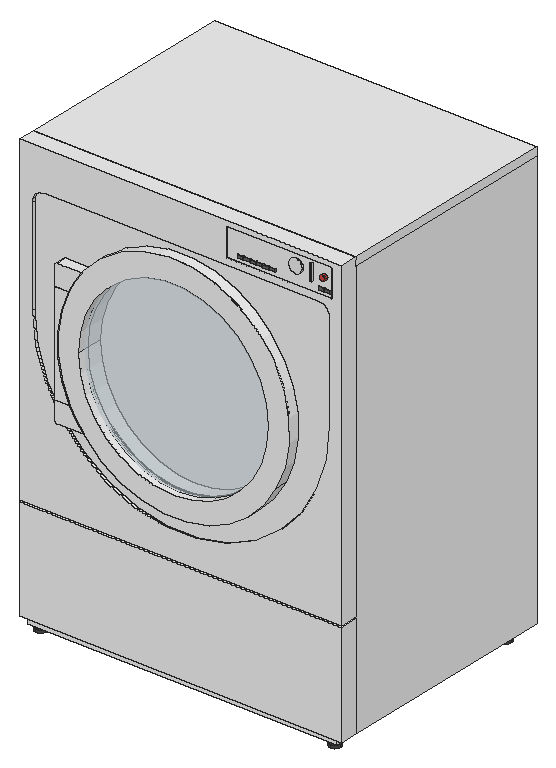
Revit family
Parameters (values of type "Dryer_Steam_T_8407_Miele")
  Warranty Duration (Years) = 0
  Voltage_MEP = 230 V
  URL = "http://www.professionallaundry.com/intro/default.asp"
  Steam per Hour = "106 Lbs"
  Specification = "http://www.arcat.com/sdspecs/htm/11110mpp.htm"
  Send Message = "http://www.arcat.com/users.pl?action=UserEmail&company=Miele%20Professional%20Products&coid=46081&rep=121&fax=609-419-4298&mf="
  Sales Information = "http://miele.com/locator/locator_new.asp?nav=800&snav=800&tnav=800&oT=7"
  Revision = "R1_03-2010"
  Product Properties = "http://www.arcat.com/bim/bim_info.pl?fn=Miele"
  Product Data = "http://www.arcat.com/arcatcos/cos46/arc46081.html"
  Model = "T 8407"
  Manufacturer Website = "http://www.professionallaundry.com/intro/default.asp"
  Manufacturer Phone - Toll Free = "800-843-7231 "
  Manufacturer Phone = "609-419-9898 "
  Manufacturer Fax = "609-419-4298"
  Manufacturer Address = "9 Independence Way, Princeton, NJ 08540"
  Manufacturer = "Miele Professional Products"
  Maintenance Schedule (Months) = 0
  MEP Wattage = Voltage_MEP * MEP Amperage  # 2300 VA
  MEP Amperage = 10 A
  Keynote = "11 23 00"
  Installation-Fabrication = "http://www.professionallaundry.com/model/modelsintro.asp"
  Installation Phase = ""
  Green Building-LEED = "http://www.arcat.com/green/clients/leed_data_46081.html"
  Expected Lifespan (Years) = 0
  Evaporation Rate = "12 fl oz/minute"
  Drawn By = "Robert S. Weygant, CSI, CDT, SCIP"
  Description = "Miele T8407 Commercial Dryer"
  Copyright = "2010, ARCAT, Inc"
  Construction Details = "http://www.professionallaundry.com/model/modelsintro.asp"
  Connection Dia Electrical = 0' - 1"
  Connect Dpth = -0' - 1"
  Circuits = 3
  Capacity = "36 Lbs"
  Body Material = Metal - Stainless Steel
  BHP = "2.85"
  Assembly Code = "E1090320"
Reference planes (in)
  plane 1 "Center (Front/Back)": y = 2.68522
  plane 2: z = 0
  plane 3 "Center (Left/Right)": x = 0
  plane 4 "Connection Plane": y = 20.45916
Forms (in)
  Extrusion 1, solid, material "Electrical"
    sketch origin (6.25, 20.45916, 58.94681) x (-1, 0, 0) y (0, 0, -1)
      loop
        circle (19.22397, 6.9376) r 0.5
    from 0 to -1 <- "Connect Dpth"
  Extrusion 2, solid, material "Appliance Foot", not visible
    sketch origin (-17.94491, 0, 5.70173) x (1, 0, 0) y (0, 1, 0)
      loop
        circle (4.33957, -18.03075) r 0.81159
    from 0 to 0.32449
  Extrusion 3, solid, material "Appliance Foot", not visible
    sketch origin (-17.94491, 0, 5.70173) x (1, 0, 0) y (0, 1, 0)
      loop
        circle (4.31639, -18.03075) r 0.18544
    from 0.32449 to 0.78508
  Extrusion 4, solid, material "Appliance Foot"
    sketch origin (-26.03866, 3.96185, 0) x (1, 0, 0) y (0, 1, 0)
      loop
        circle (4.33957, -18.03075) r 0.81159
    from 0 to 0.32449
  Extrusion 5, solid, material "Metal - Stainless Steel" <- "Body Material"
    sketch origin (-5.05137, 8.00677, -6.07553) x (1, 0, 0) y (0, 0, 1)
      loop
        line (-17.6875, 7.69188) -> (-17.6875, 6.86061) -> (27.79025, 6.86061) -> (27.79025, 7.69188) -> (-17.6875, 7.69188)
    from -12.4524 to 23.09548
  Extrusion 6, solid, material "Metal - Stainless Steel" <- "Body Material"
    sketch origin (0, 8.00677, 0) x (1, 0, 0) y (0, 0, 1)
      loop
        line (-23.73887, 1.61635) -> (23.73887, 1.61635) -> (23.73887, 16.74445) -> (-23.73887, 16.74445) -> (-23.73887, 1.61635)
    from 20.75285 to 23.33901
  Extrusion 7, solid, material "Metal - Stainless Steel" <- "Body Material"
    sketch origin (0, 8.00677, 0) x (1, 0, 0) y (0, 0, 1)
      loop
        line (-23.73887, 64.57) -> (-23.73887, 17.02572) -> (23.73887, 17.02572) -> (23.73887, 64.57) -> (-23.73887, 64.57)
      loop
        line (6.65173, 63.80942) -> (6.65173, 59.65632) -> (22.16871, 59.65632) -> (22.16871, 63.80942) -> (6.65173, 63.80942)
      loop
        line (-21.91871, 56.97945) -> (-21.91871, 42.72723)
        arc (-21.91871, 42.72723) -> (0, 20.80852) -> (21.91871, 42.72723) r 21.91871
        line (21.91871, 42.72723) -> (21.91871, 57.02576)
        arc (21.91871, 57.02576) -> (21.4197, 58.23045) -> (20.21501, 58.72945) r 1.7037
        line (20.21501, 58.72945) -> (-20.16871, 58.72945)
        arc (-20.16871, 58.72945) -> (-21.40614, 58.21689) -> (-21.91871, 56.97945) r 1.75
    from 20.75285 to 23.33901
  Extrusion 8, solid, material "Metal - Stainless Steel" <- "Body Material"
    sketch origin (0.04099, 8.00677, 56.68957) x (1, 0, 0) y (0, 0, 1)
      loop
        line (-23.77986, 7.88043) -> (-23.77986, 6.69529) -> (23.69789, 6.69529) -> (23.69789, 7.88043) -> (-23.77986, 7.88043)
    from -12.4524 to 20.75285
  Extrusion 9, solid, material "Metal - Stainless Steel" <- "Body Material"
    sketch origin (0, 8.00677, 45.89194) x (1, 0, 0) y (0, 0, 1)
      loop
        line (-23.73887, 17.49292) -> (-23.73887, -44.27559) -> (23.73887, -44.27559) -> (23.73887, 17.49292) -> (-23.73887, 17.49292)
    from -12.4524 to 20.75285
  Extrusion 10, solid, material "Metal - Stainless Steel" <- "Body Material"
    sketch origin (0, 8.00677, 10.5744) x (1, 0, 0) y (0, 0, 1)
      loop
        circle (0, 29.84821) r 14.0125
      loop
        line (-17.16109, 19.29834) -> (-13.35964, 19.29834)
        arc (-13.35964, 19.29834) -> (-14.4106, 20.75446) -> (-15.30352, 22.3125) r 17.1475
        line (-15.30352, 22.3125) -> (-17.55571, 22.3125) -> (-17.55571, 19.69296)
        arc (-17.55571, 19.69296) -> (-17.44013, 19.41392) -> (-17.16109, 19.29834) r 0.39462
      loop
        line (-13.59662, 40.49646) -> (-17.16729, 40.49646)
        arc (-17.16729, 40.49646) -> (-17.44194, 40.38269) -> (-17.55571, 40.10804) r 0.38842
        line (-17.55571, 40.10804) -> (-17.55571, 37.39839) -> (-15.49225, 37.39839)
        arc (-15.49225, 37.39839) -> (-14.62669, 38.99775) -> (-13.59662, 40.49646) r 17.1475
      loop
        circle (0, 30.04808) r 17.1
      loop
        line (-15.53694, 37.30344) -> (-17.55571, 37.30344) -> (-17.55571, 22.38391) -> (-15.3394, 22.38391)
        arc (-15.3394, 22.38391) -> (-17.146, 29.82106) -> (-15.53694, 37.30344) r 17.1475
    from 24.66616 to 23.09548
  Extrusion 11, solid, material "Glass - Laundry"
    sketch origin (0, 8.00677, 3.97635) x (1, 0, 0) y (0, 0, 1)
      loop
        circle (0, 36.44626) r 14.0125
    from 23.33901 to 23.70847
  Extrusion 12, solid, material "Metal - Stainless Steel" <- "Body Material"
    sketch origin (6.06685, 9.04022, 9.57828) x (1, 0, 0) y (0, 0, 1)
      loop
        line (0.58488, 54.23114) -> (0.58488, 50.07804) -> (16.10185, 50.07804) -> (16.10185, 54.23114) -> (0.58488, 54.23114)
    from 21.71402 to 24.30019
  Extrusion 13, solid, material "Appliance Foot"
    sketch origin (-26.03866, 3.96185, 0) x (1, 0, 0) y (0, 1, 0)
      loop
        circle (4.31639, -18.03075) r 0.18544
    from 0.32449 to 0.78508
  Extrusion 14, solid, material "Appliance Foot"
    sketch origin (-26.03866, 35.38729, 0) x (1, 0, 0) y (0, 1, 0)
      loop
        circle (4.33957, -18.03075) r 0.81159
    from 0 to 0.32449
  Extrusion 15, solid, material "Appliance Foot"
    sketch origin (-26.03866, 35.38729, 0) x (1, 0, 0) y (0, 1, 0)
      loop
        circle (4.31639, -18.03075) r 0.18544
    from 0.32449 to 0.78508
  Extrusion 16, solid, material "Appliance Foot"
    sketch origin (17.33165, 3.96185, 0) x (1, 0, 0) y (0, 1, 0)
      loop
        circle (4.33957, -18.03075) r 0.81159
    from 0 to 0.32449
  Extrusion 17, solid, material "Appliance Foot"
    sketch origin (17.33165, 3.96185, 0) x (1, 0, 0) y (0, 1, 0)
      loop
        circle (4.31639, -18.03075) r 0.18544
    from 0.32449 to 0.78508
  Extrusion 18, solid, material "Appliance Foot"
    sketch origin (17.33165, 35.38729, 0) x (1, 0, 0) y (0, 1, 0)
      loop
        circle (4.33957, -18.03075) r 0.81159
    from 0 to 0.32449
  Extrusion 19, solid, material "Appliance Foot"
    sketch origin (17.33165, 35.38729, 0) x (1, 0, 0) y (0, 1, 0)
      loop
        circle (4.31639, -18.03075) r 0.18544
    from 0.32449 to 0.78508
  Extrusion 20, solid, material "Black"
    sketch origin (6.06685, -15.25997, 9.57828) x (1, 0, 0) y (0, 0, 1)
      loop
        line (2.26916, 51.08376) -> (2.26916, 50.66656) -> (3.0572, 50.66656) -> (3.0572, 51.08376) -> (2.26916, 51.08376)
      loop
        line (3.19627, 51.08376) -> (3.19627, 50.66656) -> (4.03067, 50.66656) -> (4.03067, 51.08376) -> (3.19627, 51.08376)
      loop
        line (4.16973, 51.08376) -> (4.16973, 50.66656) -> (4.95778, 50.66656) -> (4.95778, 51.08376) -> (4.16973, 51.08376)
      loop
        line (5.09684, 51.08376) -> (5.09684, 50.66656) -> (5.88489, 50.66656) -> (5.88489, 51.08376) -> (5.09684, 51.08376)
      loop
        line (6.07031, 51.08376) -> (6.07031, 50.66656) -> (6.85835, 50.66656) -> (6.85835, 51.08376) -> (6.07031, 51.08376)
      loop
        line (6.99742, 51.08376) -> (6.99742, 50.66656) -> (7.78546, 50.66656) -> (7.78546, 51.08376) -> (6.99742, 51.08376)
    from 0 to 0.125
  Extrusion 21, solid, material "White"
    sketch origin (10.1049, -15.25997, 9.90957) x (1, 0, 0) y (0, 0, 1)
      loop
        circle (6.8006, 52.25291) r 1
    from 0 to 0.125
  Extrusion 22, solid, material "White"
    sketch origin (12.37633, -15.25997, 9.90957) x (1, 0, 0) y (0, 0, 1)
      loop
        line (6.61516, 53.43834) -> (6.61516, 51.0306) -> (6.98601, 51.0306) -> (6.98601, 53.43834) -> (6.61516, 53.43834)
      loop
        line (6.75423, 53.29782) -> (6.75423, 51.16937) -> (6.84694, 51.16937) -> (6.84694, 53.29782) -> (6.75423, 53.29782)
    from 0 to 0.125
  Extrusion 23, solid, material "Red"
    sketch origin (14.32587, -15.25997, 9.90957) x (1, 0, 0) y (0, 0, 1)
      loop
        circle (6.8006, 52.25291) r 0.36667
    from 0 to 0.44465
  Extrusion 24, solid, material "Black"
    sketch origin (14.26218, -15.25997, 9.57046) x (1, 0, 0) y (0, 0, 1)
      loop
        line (6.02979, 51.08376) -> (6.02979, 50.66656) -> (6.81784, 50.66656) -> (6.81784, 51.08376) -> (6.02979, 51.08376)
      loop
        line (6.9569, 51.08376) -> (6.9569, 50.66656) -> (7.74495, 50.66656) -> (7.74495, 51.08376) -> (6.9569, 51.08376)
    from 0 to 0.125
  Extrusion 25, solid, material "Metal - Stainless Steel" <- "Body Material"
    sketch origin (0, 8.00677, 0) x (1, 0, 0) y (0, 0, 1)
      loop
        circle (0, 40.42261) r 14.0125
      loop
        line (-21.91871, 56.97945) -> (-21.91871, 42.72723)
        arc (-21.91871, 42.72723) -> (0, 20.80852) -> (21.91871, 42.72723) r 21.91871
        line (21.91871, 42.72723) -> (21.91871, 57.02576)
        arc (21.91871, 57.02576) -> (21.4197, 58.23045) -> (20.21501, 58.72945) r 1.7037
        line (20.21501, 58.72945) -> (-20.16871, 58.72945)
        arc (-20.16871, 58.72945) -> (-21.40614, 58.21689) -> (-21.91871, 56.97945) r 1.75
    from 20.75285 to 23.00285
  Extrusion 26, solid, material "Metal - Stainless Steel"
    sketch origin (31.00025, 20.45916, 19.1295) x (-1, 0, 0) y (0, 0, -1)
      loop
        circle (19.22397, 6.9376) r 3
    from 0 to -2.07955
Lines and regions (in)
  Split face 1
    outline origin (6.06685, -15.25997, 9.57828) x (1, 0, 0) y (0, 0, 1)
      loop
        line (1.75925, 53.63331) -> (1.75925, 51.4546) -> (10.83865, 51.4546)
        arc (10.83865, 51.4546) -> (11.928, 52.54396) -> (10.83865, 53.63331) r 1.08935
        line (10.83865, 53.63331) -> (1.75925, 53.63331)
  Split face 2
    outline origin (6.06685, -15.25997, 9.57828) x (1, 0, 0) y (0, 0, 1)
      loop
        circle (15.05962, 52.5842) r 0.48943
  symbolic lines, style "MechanicalEquipmentHiddenLines"
    curve 1: line (34.34298, -45.04106, 0) -> (17.11438, -15.88497, 0)
    curve 2: arc (0, -21.35719, 51.71728) -> (0, -51.76766, 40.37554) -> (0, -21.3018, 29.18344) r 17.3044
    curve 3: arc (0, -20.76145, 43.19851) -> (0, -48.44441, 40.39227) -> (0, -20.75128, 37.68824) r 13.98112
    curve 4: circle (0, -34.46331, 40.41807) r 13.28207 normal (1, 0, 0)
    curve 5: line (0, -17.15939, 51.71728) -> (0, -21.35719, 51.71728)
    curve 6: line (0, -21.3018, 29.18344) -> (0, -17.15939, 29.18344)
    curve 7: line (0, -15.3839, 0.7565) -> (0, -26.34996, 11.72255)
    curve 8: line (0, -24.54888, 13.52363) -> (0, -26.53468, 11.53783)
    curve 9: line (0, -13.49706, 2.47181) -> (0, -24.54888, 13.52363)
    curve 10: line (0, -15.3839, 0.7565) -> (0, -13.49706, 2.47181)
    curve 11: line (0, -26.53468, 10.79893) -> (0, -26.53468, 11.53783)
    curve 14: arc (-17.57041, -16.46898, 0) -> (0.23656, -45.56248, 0) -> (34.34298, -45.04106, 0) r 34.41952
  symbolic lines
    curve 12: line (0, -16.11733, 16.375) -> (0, -15.7017, 16.74445)
    curve 13: line (0, -15.7017, 16.74445) -> (0, -15.33225, 16.74445)
  reference lines
    curve 15: line (-35.0074, 2.68522, 64.57) -> (52.70431, 2.68522, 64.57)
Dimensions and locks (in)
  "Connection Dia Electrical": Extrusion 1 sketch curve to Extrusion 1 sketch curve
  Extrusion 26 sketch curve to Extrusion 26 sketch curve = 0' - 6"
  curve 15 to level = 5' - 4.57"
Automatic sketch dimensions
  Extrusion 1 sketch curve to plane 3 "Center (Left/Right)" = 1' - 0.47397"
  Extrusion 8 sketch curve to plane 3 "Center (Left/Right)" = 1' - 11.73887"
  plane 3 "Center (Left/Right)" to Extrusion 8 sketch curve = 1' - 11.73887"
  level to Extrusion 9 sketch curve = 0' - 1.61635"
  Extrusion 9 sketch curve to plane 3 "Center (Left/Right)" = 1' - 11.73887"
  plane 3 "Center (Left/Right)" to Extrusion 9 sketch curve = 1' - 11.73887"
  Extrusion 20 sketch curve to Extrusion 20 sketch curve = 0' - 0.78804"  (x5)
  Extrusion 20 sketch curve to Extrusion 20 sketch curve = 0' - 0.13907"  (x4)
  Extrusion 20 sketch curve to Extrusion 20 sketch curve = 0' - 0.8344"
  Extrusion 20 sketch curve to Extrusion 20 sketch curve = 0' - 0.18542"
  Extrusion 20 sketch curve to Extrusion 20 sketch curve = 0' - 0"  (x8)
  Extrusion 20 sketch curve to Extrusion 20 sketch curve = 0' - 0.4172"  (x2)
  Split face 1 sketch curve to Split face 1 sketch curve = 0' - 1.08935"
  Extrusion 22 sketch curve to Extrusion 22 sketch curve = 0' - 0.13907"  (x2)
  Extrusion 22 sketch curve to Extrusion 22 sketch curve = 0' - 0.09271"
  Extrusion 22 sketch curve to Extrusion 22 sketch curve = 0' - 0.13877"
  Extrusion 22 sketch curve to Extrusion 22 sketch curve = 0' - 0.14052"
  Extrusion 24 sketch curve to Extrusion 24 sketch curve = 0' - 0.78804"  (x2)
  Extrusion 24 sketch curve to Extrusion 24 sketch curve = 0' - 0.13907"
  Extrusion 24 sketch curve to Extrusion 24 sketch curve = 0' - 0"  (x2)
  Extrusion 24 sketch curve to Extrusion 24 sketch curve = 0' - 0.4172"
  level to Extrusion 6 sketch curve = 1' - 4.74445"
  Extrusion 6 sketch curve to plane 3 "Center (Left/Right)" = 1' - 11.73887"
  plane 3 "Center (Left/Right)" to Extrusion 6 sketch curve = 1' - 11.73887"
  level to Extrusion 6 sketch curve = 0' - 1.61635"
  Extrusion 11 sketch curve to plane 3 "Center (Left/Right)" = 0' - 0"
  Extrusion 11 sketch curve to Extrusion 11 sketch curve = 1' - 2.0125"
  plane 3 "Center (Left/Right)" to Extrusion 26 sketch curve = 1' - 2.77627"
  Extrusion 25 sketch curve to plane 3 "Center (Left/Right)" = 0' - 0"
  plane 3 "Center (Left/Right)" to Extrusion 7 sketch curve = 0' - 0"
  Extrusion 7 sketch curve to plane 3 "Center (Left/Right)" = 1' - 8.16871"
  Extrusion 7 sketch curve to Extrusion 7 sketch curve = 0' - 1 3/4"
  Extrusion 7 sketch curve to Extrusion 7 sketch curve = 0' - 3.57017"
  plane 3 "Center (Left/Right)" to Extrusion 7 sketch curve = 0' - 6.65173"
  Extrusion 7 sketch curve to Extrusion 7 sketch curve = 0' - 1.7037"
  Extrusion 7 sketch curve to Extrusion 7 sketch curve = 0' - 1.9537"
  level to Extrusion 7 sketch curve = 1' - 5.02572"
  plane 3 "Center (Left/Right)" to Extrusion 7 sketch curve = 1' - 11.73887"
  Extrusion 7 sketch curve to Extrusion 7 sketch curve = 0' - 4.1531"
  Extrusion 7 sketch curve to Extrusion 7 sketch curve = 0' - 5.84055"
  level to Extrusion 5 sketch curve = 0' - 1.61635"
  Extrusion 5 sketch curve to plane 3 "Center (Left/Right)" = 1' - 10.73887"
  plane 3 "Center (Left/Right)" to Extrusion 5 sketch curve = 1' - 10.73887"
  level to Extrusion 5 sketch curve = 0' - 0.78508"
  plane 3 "Center (Left/Right)" to Extrusion 12 sketch curve = 0' - 6.65173"
  Extrusion 12 sketch curve to Extrusion 12 sketch curve = 1' - 3.51697"
  Extrusion 12 sketch curve to Extrusion 12 sketch curve = 0' - 4.1531"
  Extrusion 20 sketch curve to Extrusion 12 = 0' - 0.58852"  (x2)
  Extrusion 20 sketch curve to Extrusion 12 = 0' - 1.68428"
  Split face 1 sketch curve to Extrusion 12 = 0' - 1.17437"
  Split face 1 sketch curve to Extrusion 12 = 0' - 1.37656"
  Split face 1 sketch curve to Extrusion 12 = 0' - 5.2632"
  Extrusion 21 sketch curve to Extrusion 12 = 0' - 1.64693"
  Extrusion 21 sketch curve to Extrusion 12 = 0' - 5.2632"
  Extrusion 22 sketch curve to Extrusion 12 = 0' - 1.28385"
  Extrusion 22 sketch curve to Extrusion 12 = 0' - 3.17721"
  Extrusion 22 sketch curve to Extrusion 12 = 0' - 0.60203"
  Extrusion 23 sketch curve to Extrusion 12 = 0' - 1.04223"
  Extrusion 23 sketch curve to Extrusion 12 = 0' - 1.64693"
  Split face 2 sketch curve to Extrusion 12 = 0' - 1.04223"
  Split face 2 sketch curve to Extrusion 12 = 0' - 1.64693"
  Extrusion 24 sketch curve to Extrusion 12 = 0' - 0.58071"
  Extrusion 24 sketch curve to Extrusion 12 = 0' - 1.87673"
  Extrusion 25 sketch curve to Extrusion 25 sketch curve = 1' - 2.0125"
  plane 3 "Center (Left/Right)" to Extrusion 25 sketch curve = 0' - 0"
  Extrusion 25 sketch curve to plane 3 "Center (Left/Right)" = 1' - 8.16871"
  Extrusion 25 sketch curve to Extrusion 25 sketch curve = 0' - 7.90621"
  Extrusion 25 sketch curve to Extrusion 25 sketch curve = 0' - 1.7037"
  Extrusion 25 sketch curve to Extrusion 25 sketch curve = 0' - 2.30462"
  Extrusion 1 sketch curve to Extrusion 1 sketch curve = 0' - 0"
  level to Extrusion 1 sketch curve = 4' - 4.00921"
  Extrusion 7 sketch curve to Extrusion 7 sketch curve = 2' - 1.70151"
  Extrusion 7 sketch curve to Extrusion 7 sketch curve = 1' - 2.25223"
  Extrusion 7 sketch curve to Extrusion 7 sketch curve = 0' - 0.92686"
  level to Extrusion 8 sketch curve = 5' - 3.38486"
  Extrusion 8 sketch curve to Extrusion 8 sketch curve = 0' - 1.18514"
  Extrusion 9 sketch curve to Extrusion 9 sketch curve = 5' - 1.76851"
  level to Extrusion 11 sketch curve = 3' - 4.42261"
  level to Extrusion 12 sketch curve = 4' - 11.65632"
  level to Extrusion 25 sketch curve = 3' - 4.42261"
  Extrusion 25 sketch curve to Extrusion 25 sketch curve = 1' - 2.25223"
  Extrusion 26 sketch curve to Extrusion 26 sketch curve = 0' - 0"
  level to Extrusion 26 sketch curve = 1' - 0.19191"
  Extrusion 10 sketch curve to Extrusion 10 sketch curve = 0' - 0"  (x14)
  Extrusion 10 sketch curve to plane 3 "Center (Left/Right)" = 0' - 0"  (x2)
  Extrusion 10 sketch curve to plane 3 "Center (Left/Right)" = 1' - 1.35964"
  Extrusion 10 sketch curve to plane 3 "Center (Left/Right)" = 1' - 1.59662"
  Extrusion 10 sketch curve to Extrusion 10 sketch curve = 0' - 1.94388"
  Extrusion 10 sketch curve to Extrusion 10 sketch curve = 0' - 0.03589"
  Extrusion 10 sketch curve to Extrusion 10 sketch curve = 0' - 1.89562"
  Extrusion 10 sketch curve to Extrusion 10 sketch curve = 0' - 0.0447"
  Extrusion 10 sketch curve to Extrusion 10 sketch curve = 0' - 1.85757"
  Extrusion 10 sketch curve to Extrusion 10 sketch curve = 0' - 1.67504"
  Extrusion 10 sketch curve to Extrusion 10 sketch curve = 0' - 2.01876"
  level to Extrusion 10 sketch curve = 2' - 5.87274"
  Extrusion 10 sketch curve to Extrusion 10 sketch curve = 0' - 2.61954"
  Extrusion 10 sketch curve to Extrusion 10 sketch curve = 0' - 0.07141"
  Extrusion 10 sketch curve to Extrusion 10 sketch curve = 0' - 0.19987"
  Extrusion 10 sketch curve to Extrusion 10 sketch curve = 0' - 0.09495"
  curve 15 to plane 3 "Center (Left/Right)" = 2' - 11.0074"
  plane 3 "Center (Left/Right)" to curve 15 = 4' - 4.70431"
  curve 2 to curve 3 = 0' - 0"
  curve 2 to curve 4 = 0' - 0"  (x2)
  curve 3 to curve 4 = 0' - 0"
  plane 1 "Center (Front/Back)" to curve 4 = 3' - 1.14853"
  level to curve 11 = 0' - 10.79893"
  plane 1 "Center (Front/Back)" to curve 11 = 2' - 5.21991"
  level to curve 7 = 0' - 11.72255"
  curve 8 to curve 7 = 0' - 0.18473"
  level to curve 9 = 1' - 1.52363"
  curve 7 to curve 9 = 0' - 1.80108"
  curve 2 to curve 2 = 1' - 1.10612"
  curve 8 to curve 2 = 0' - 3.24708"
  curve 5 to curve 3 = 0' - 0.59574"
  curve 3 to curve 3 = 0' - 0.01017"
  curve 5 to curve 5 = 0' - 4.1978"
  curve 2 to curve 6 = 0' - 4.14241"
  curve 8 to curve 12 = 0' - 8.43155"
  curve 12 to curve 13 = 0' - 0.41563"
  curve 12 to curve 13 = 0' - 0.36945"  (x2)
  level to curve 7 = 0' - 0.7565"
  level to curve 9 = 0' - 2.47181"
  curve 8 to curve 12 = 0' - 2.85137"
  curve 12 to curve 6 = 1' - 0.43899"
  curve 6 to curve 3 = 0' - 8.5048"
  curve 3 to curve 4 = 0' - 2.72984"
  curve 14 to plane 3 "Center (Left/Right)" = 1' - 5.57041"
  plane 3 "Center (Left/Right)" to curve 14 = 1' - 4.83277"
  curve 14 to curve 1 = 0' - 0.28162"
  curve 1 to curve 14 = 1' - 5.2286"
  plane 1 "Center (Front/Back)" to curve 14 = 3' - 11.72629"
  plane 1 "Center (Front/Back)" to curve 14 = 1' - 7.1542"
  curve 1 to curve 14 = 0' - 0.47659"
  radius of Extrusion 2 sketch curve = 0' - 0.81159"
  radius of Extrusion 3 sketch curve = 0' - 0.18544"
  radius of Extrusion 4 sketch curve = 0' - 0.81159"
  radius of Extrusion 13 sketch curve = 0' - 0.18544"
  radius of Extrusion 14 sketch curve = 0' - 0.81159"
  radius of Extrusion 15 sketch curve = 0' - 0.18544"
  radius of Extrusion 16 sketch curve = 0' - 0.81159"
  radius of Extrusion 17 sketch curve = 0' - 0.18544"
  radius of Extrusion 18 sketch curve = 0' - 0.81159"
  radius of Extrusion 19 sketch curve = 0' - 0.18544"
  radius of Extrusion 21 sketch curve = 0' - 1"
  radius of Extrusion 23 sketch curve = 0' - 0.36667"
  radius of Split face 2 sketch curve = 0' - 0.48943"
  radius of Extrusion 10 sketch curve = 1' - 2.0125"
  radius of Extrusion 10 sketch curve = 1' - 5.1"
  radius of curve 4 = 1' - 1.28207"
Connectors (in)
  electrical at (-12.97397, 21.45916, 52.00921), driven by "Voltage_MEP", driven by "MEP Wattage"
    settings: on Extrusion 1, index 1
  hvac at (11.77627, 22.53872, 12.19191)
    settings: on Extrusion 26, index 2
